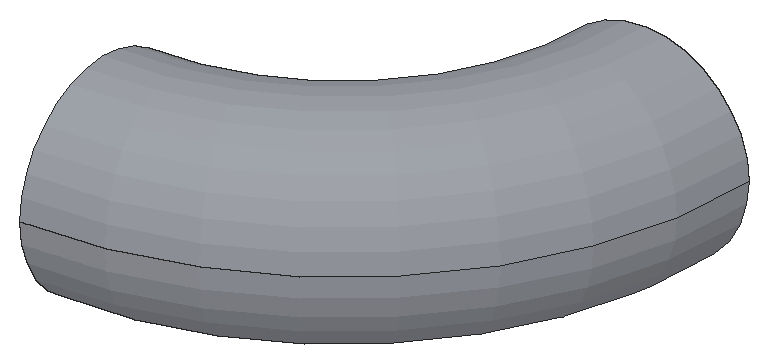
Revit family "BMP_PVC_Elbow90", category Pipe Fittings, Revit 2024
Family settings
  Round Connector Dimension = Use Diameter
  Part Type = Elbow
  Work Plane-Based = Yes
  Always vertical = No
  Cut with Voids When Loaded = No
  Shared = No
Parameters (values of type "21 mm")
  Default Elevation = 1219.2 mm
  BMP_Z_mm = 11 mm
  BMP_Z2_mm = 11 mm
  BMP_Parametric_Revision = "2.0"
  BMP_PN_bar = 15
  BMP_Manufacturer = "Binh Minh Plastics - independent catalogue-based BIM"
  BMP_L_mm = 82 mm
  BMP_H_mm = 41 mm
  BMP_H2_mm = 41 mm
  BMP_Geometry_Note = "Native parametric simplified fitting; editable type dimensions in millimeters."
  BMP_D_mm = 28 mm
  BMP_DN_mm = 21 mm
  BMP_DN2_mm = 21 mm
  BMP_D2_mm = 28 mm
  BMP_Catalogue_PDF_Page = "20"
  BMP_Bore_mm = 21.3 mm
  BMP_Bore2_mm = 21.3 mm
  BMP_Bend_Radius_mm = BMP_H_mm / tan(Angle / 2)  # 41 mm
  Angle = 90.00°  # constant formula
Types (9, lengths in mm): name | BMP_Z_mm | BMP_Z2_mm | BMP_PN_bar | BMP_L_mm | BMP_H_mm | BMP_H2_mm | BMP_D_mm | BMP_DN_mm | BMP_DN2_mm | BMP_D2_mm | BMP_Bore_mm | BMP_Bore2_mm | BMP_Bend_Radius_mm
  21 mm | 11 | 11 | 15 | 82 | 41 | 41 | 28 | 21 | 21 | 28 | 21.3 | 21.3 | 41
  27 mm | 14 | 14 | 15 | 98 | 49 | 49 | 33 | 27 | 27 | 33 | 26.7 | 26.7 | 49
  34 mm | 17 | 17 | 15 | 114 | 57 | 57 | 41 | 34 | 34 | 41 | 33.5 | 33.5 | 57
  42 mm | 21 | 21 | 12 | 130 | 65 | 65 | 50 | 42 | 42 | 50 | 42.2 | 42.2 | 65
  49 mm | 24 | 24 | 12 | 158 | 79 | 79 | 57 | 49 | 49 | 57 | 48.2 | 48.2 | 79
  60 mm | 30 | 30 | 6 | 110 | 55 | 55 | 67 | 60 | 60 | 67 | 60.2 | 60.2 | 55
  90 mm | 45 | 45 | 6 | 170 | 85 | 85 | 97 | 90 | 90 | 97 | 88.8 | 88.8 | 85
  114 mm | 57 | 57 | 6 | 214 | 107 | 107 | 123 | 114 | 114 | 123 | 114.1 | 114.1 | 107
  168 mm | 84 | 84 | 6 | 328 | 164 | 164 | 181 | 168 | 168 | 181 | 168.1 | 168.1 | 164
Reference planes
  plane 1 "Center (Front/Back)": y = 0
  plane 2: z = 0
  plane 3 "Center (Left/Right)": x = 0
Forms (mm)
  Revolve 1, solid, material "BMP_PVC"
    sketch origin (0, 0, 0) x (0, -1, 0) y (0, 0, 1)
      loop
        circle (41, 0) r 14
      loop
        circle (41, 0) r 10.65
      axis (0, 0) -> (0, -1)
    angle from 0 to 90 <- "Angle"
Lines and regions (mm)
  reference lines, not visible
    curve 1: line (0, -3000, 0) -> (0, 3000, 0)
    curve 2: line (0, 0, -3000) -> (0, 0, 3000)
Dimensions and locks
  "BMP_Bend_Radius_mm": Revolve 1 sketch curve to curve 2  (x2)
  "BMP_D_mm": diameter of Revolve 1 sketch curve  (x2)
  "BMP_Bore_mm": diameter of Revolve 1 sketch curve  (x2)
  aligned and locked: level to plane 2
  aligned and locked: curve 1 to Revolve 1 sketch curve  (x2)
Automatic sketch dimensions
  curve 1 to level = 0 mm
  curve 2 to plane 1 "Center (Front/Back)" = 0 mm
  curve 1 to plane 1 "Center (Front/Back)" = 3000 mm
  plane 1 "Center (Front/Back)" to curve 1 = 3000 mm
  curve 2 to level = 3000 mm
  level to curve 2 = 3000 mm
  Revolve 1 sketch curve to Revolve 1 sketch curve = 0 mm
  Revolve 1 sketch curve to plane 1 "Center (Front/Back)" = 0 mm
  plane 1 "Center (Front/Back)" to Revolve 1 sketch curve = 41 mm
  Revolve 1 sketch curve to level = 1000 mm
  level to Revolve 1 sketch curve = 1000 mm
Connectors
  piping at (0, -41, 0), diameter 21, driven by "BMP_DN_mm", driven by "Angle"
    settings: on Revolve 1, index 1, connector inside diameter 609.6 mm, connector length 0 mm, flow factor 0, pipe flow 0.0 L/s, pressure drop 0.0 Pa, fitting loss kfactor 0, connector angle 90.00°, fixture units 0, engagement length 0 mm, angle of deflection 0.00°, flow configuration 0, flow direction 0, fitting loss method 0, system type 28, joint type 0, gender type 0, connector reference index 2, connector utility 0, adjustable connector no, is connector primary yes, connector description ""
  piping at (41, 0, 0), diameter 21, driven by "BMP_DN_mm", driven by "Angle"
    settings: on Revolve 1, index 2, connector inside diameter 609.6 mm, connector length 0 mm, flow factor 0, pipe flow 0.0 L/s, pressure drop 0.0 Pa, fitting loss kfactor 0, connector angle 90.00°, fixture units 0, engagement length 0 mm, angle of deflection 0.00°, flow configuration 0, flow direction 0, fitting loss method 0, system type 28, joint type 0, gender type 0, connector reference index 1, connector utility 0, adjustable connector no, is connector primary no, connector description ""
